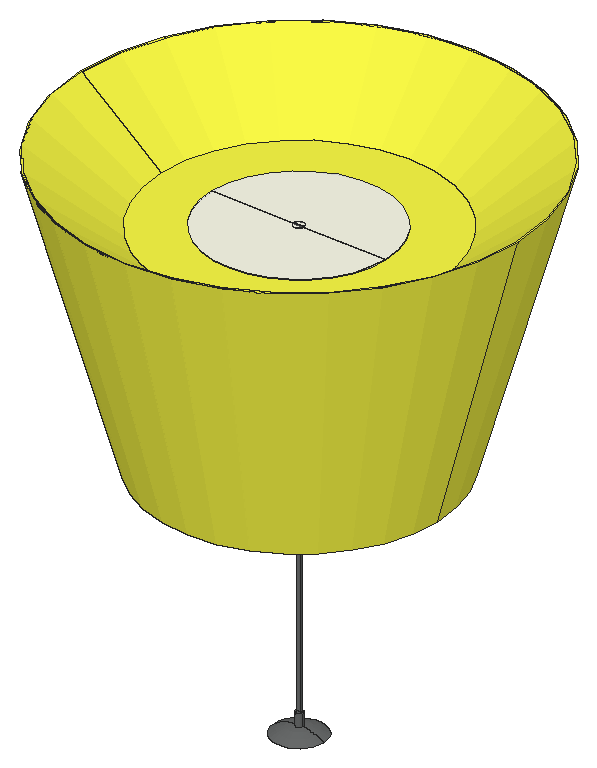
Revit family "M-T-P", category Lighting Fixtures, host Face, Revit 2014
Parameters (values of type "M-T-P-YO")
  Watts = 8 W
  Wattage Comments = "8W"
  Wattage = 9.2903 W
  Warranty = "5 years Warranty"  # constant formula
  built-in parameter 1150110 = 1 (stored number, unit not read)
  Voltage = 120 V
  URL = "https://www.hubbell.com/securitylighting/en"
  built-in parameter 1114217 = 1 (stored number, unit not read)
  Tilt Angle = 60.00°
  built-in parameter 1150109 = 1 (stored number, unit not read)
  built-in parameter 1150134 = 3
  built-in parameter 1150113 = 1 (stored number, unit not read)
  Reflector Finish = Hubbell - White Glass
  Product Link = "https://www.hubbell.com/securitylighting/en/Products/Lighting-Controls/Commercial-Indoor-Lighting/Pendant-Lighting/Tapered-Pendant/p/3028275"
  Product Documentation Link = "https://hubbellcdn.com/specsheet/sl_0038_tapered_spec.pdf"
  Power Factor = 1
  Photometric Web File = "generic"
  Pendent Height [instance] = 12"
  built-in parameter 1150142 = (empty or 0)
  Model = "M-T-P"  # constant formula
  Manufacturer = "Security Lighting"  # constant formula
  built-in parameter 1150105 = 109.82 (stored number, unit not read)
  Lumens = 1380 lm
  built-in parameter 1150115 = 1 (stored number, unit not read)
  Load Classification = Lighting
  built-in parameter 1150137 = (empty or 0)
  built-in parameter 1150139 = (empty or 0)
  built-in parameter 1150112 = 1 (stored number, unit not read)
  built-in parameter 1150114 = 1 (stored number, unit not read)
  Lamp = "LED"  # constant formula
  LF = T : P
  built-in parameter 1150132 = (empty or 0)
  built-in parameter 1150102 = (empty or 0)
  built-in parameter 1150107 = 3200 (stored number, unit not read)
  built-in parameter 1150138 = (empty or 0)
  built-in parameter 1150106 = 1.0982 (stored number, unit not read)
  Housing Material = Hubbell - Yellow
  Fixture distribution = "Direct"  # constant formula
  Features = "Made with durable, easy to clean fabric\r\nEasy to install\r\nCustom shapes, sizes, and colors available"  # constant formula
  Emit from Circle Diameter = 14"
  Emit Shape Visible in Rendering = no
  built-in parameter 1150104 = 13.8 (stored number, unit not read)
  Drum-Height = 24"
  Dimming Lamp Color Temperature Shift = <None>
  Description = "These shades are uniquely engineered to suit all high traffic areas in demanding restaurant environments and include a durable fabric look material which can be cleaned. With white interior color, shades are translucent and provide the added benefit of glowing effect."  # constant formula
  Default Elevation = 48"
  Copyright = " ©2020 Security Lighting, a division of Hubbell Lighting, Inc"  # constant formula
  Contact = "https://www.hubbell.com/securitylighting/en/contactUs"
  Connector Description = "Lighting Connector"  # constant formula
  Color Filter = 16777215
  built-in parameter 1114218 = 1 (stored number, unit not read)
  built-in parameter 1150133 = 10 (stored number, unit not read)
  Assembly Code = "D5020200"
  Apparent Load = Watts / Power Factor  # 8 VA
Types (9): name | Housing Material
  (no name) | Hubbell - Yellow
  M-T-P-OO | Paint - Hubbell - Matte White
  M-T-P-YO | Hubbell - Yellow
  M-T-P-CG | Paint - Hubbell - Gray Smooth
  M-T-P-WB | Hubbell - Warm Brown
  M-T-P-RD | Hubbell - Red
  M-T-P-GN | Paint - Hubbell - Green Textured
  M-T-P-OR | Hubbell - Orange
  M-T-P-BL | Hubbell - Blue
Reference planes (in)
  plane 1 "Center (Front/Back)": y = 0
  plane 2: z = 0
  plane 3 "Center (Left/Right)": x = 0
  plane 4: z = 12
  plane 5: z = 15.5
Dimensions and locks (in)
  "Pendent Height": plane 4 to plane 2
  locked: plane 5 to plane 4 at 3.5
  aligned and locked: plane 2 to host face
  aligned and locked: level to host face
  aligned and locked: plane 1 "Center (Front/Back)" to nested 1
  aligned and locked: plane 3 "Center (Left/Right)" to nested 1
  aligned and locked: imposter light to plane 1 "Center (Front/Back)"
Automatic sketch dimensions
  host sketch curve to host sketch curve = 96"  (x2)
Nested families (in)
  nested 1: "T" at (0, 0, 0), Pendent Height <- "Pendent Height", type "P"
    with Pendent Height 12"
Connectors (in)
  electrical at (-0.00321, 0, 10.57698), driven by "Load Classification", driven by "Voltage", driven by "Apparent Load", driven by "Power Factor", driven by "Connector Description"
    settings: on nested 1, index 1, voltage 120 V, apparent load 8 VA, apparent load phase1 0 VA, apparent load phase2 0 VA, apparent load phase3 0 VA, power factor 1, load classification "Lighting", number of poles 1, system type 30, power factor state 1, is connector primary yes, connector utility no, sub classification motor no, connector description "Lighting Connector"
Definition of nested family "T"
  Parameters (values of type "P")
    Width = 22"
    Wattage Comments = ""
    URL = ""
    Rod Material = Paint - Hubbell - Basic Black Textured
    Reflector Finish = Hubbell - White Glass
    Pendent Height [instance] = 12"
    Pendant Material = Hubbell - Yellow
    Outter Length = 22"
    Model = ""
    Manufacturer = ""
    Load Classification = Lighting
    Length = 3.9"
    Lamp = ""
    LED = Hubbell - Glass
    L2 = L1 - 0.1"  # 1.85"
    L1 = Length / 2  # 1.95"
    Height = 14"
    Description = ""
    Default Elevation = 48"
    Apparent Load = 0 VA  # constant formula
  Reference planes (in)
    plane 1 "Center (Front/Back)": y = 0
    plane 2: z = 0
    plane 3 "Center (Left/Right)": x = 0
    plane 4: y = -11
    plane 5: y = 11
    plane 6: z = 12
    plane 7: x = -1.95
    plane 8: x = 1.95
    plane 9: z = 26
    plane 10: x = 11
    plane 11: x = -11
  Forms (in)
    Extrusion 1, solid
      sketch origin (0, 0, 0) x (1, 0, 0) y (0, 1, 0)
        loop
          line (-48, 48) -> (-48, -48) -> (48, -48) -> (48, 48) -> (-48, 48)
      from 0 to -1.25
    Blend 2, solid, material "Hubbell - Yellow" <- "Pendant Material"
      base sketch origin (0, 0, 0) x (1, 0, 0) y (0, 1, 0)
        loop
          circle (0, 0) r 11
      top sketch origin (0, 0, 0) x (1, 0, 0) y (0, 1, 0)
        loop
          circle (0, 0) r 7
      from 26 to 12
    Revolve 3, solid, material "Paint - Hubbell - Basic Black Textured" <- "Rod Material"
      sketch origin (-29.50625, 0, 0) x (-1, 0, 0) y (0, 0, -1)
        loop
          line (-29.5, -12) -> (-29.4, -12) -> (-29.4, -1.04704) -> (-29.4, -0.96114) -> (-29.3207, -0.96114) -> (-29.3207, -0.36334)
          arc (-29.3207, -0.36334) -> (-28.77123, -0.2452) -> (-28.2655, 0) r 2.3506
          line (-28.2655, 0) -> (-29.5, 0) -> (-29.5, -12)
        axis (-29.5, -12) -> (-29.5, 0)
      angle from 0 to 360
    Blend 4, void
      base sketch origin (0, 0, 0) x (1, 0, 0) y (0, 1, 0)
        loop
          circle (0, 0) r 10.95
      top sketch origin (0, 0, 0) x (1, 0, 0) y (0, 1, 0)
        loop
          circle (0, 0) r 6.95
      from 26 to 22.85661
    Revolve 5, solid, material "Hubbell - White Glass" <- "Reflector Finish"
      sketch origin (0, 0, 0) x (1, 0, 0) y (0, 0, 1)
        loop
          line (0, 22.85661) -> (4.3875, 22.85661) -> (4.3875, 22.90413) -> (0, 22.90413) -> (0, 22.85661)
        axis (0, 22.90413) -> (0, 22.85661)
      angle from 0 to 360
    Revolve 6, solid, material "Hubbell - Glass" <- "LED"
      sketch origin (0, 0, 0) x (1, 0, 0) y (0, 0, 1)
        loop
          line (0, 22.90413) -> (0.2651, 22.90413) -> (0.2651, 22.93683) -> (0, 22.93683) -> (0, 22.90413)
        axis (0, 22.93683) -> (0, 22.89746)
      angle from 0 to 360
  Cuts and joins
    Blend 4 cuts Blend 2
    Blend 4 cuts Revolve 3
  Dimensions and locks (in)
    equal spacing: plane 4, plane 1 "Center (Front/Back)", plane 5
    "Width": plane 5 to plane 4
    "Pendent Height": plane 6 to plane 2
    equal spacing: plane 8, plane 3 "Center (Left/Right)", plane 7
    "Length": plane 8 to plane 7
    "Height": plane 9 to plane 6
    "Outter Length": plane 10 to plane 11
    equal spacing: plane 10, plane 3 "Center (Left/Right)", plane 11
    equal spacing: plane 11, plane 3 "Center (Left/Right)", plane 10
    plane 11 to plane 10 = 22"
    plane 6 to plane 2 = 12"
    aligned and locked: plane 2 to Extrusion 1
    aligned and locked: level to Extrusion 1
    aligned and locked: plane 9 to Blend 2
  Automatic sketch dimensions
    Extrusion 1 sketch curve to Extrusion 1 sketch curve = 96"  (x2)
    Revolve 3 sketch curve to plane 6 = 0"
    Revolve 3 sketch curve to level = 0"
    Revolve 3 sketch curve to level = 1.97734"
    plane 7 to Revolve 3 sketch curve = 1.98026"
    plane 7 to Revolve 3 sketch curve = 1.94375"  (x2)
    Revolve 3 sketch curve to Revolve 3 sketch curve = 0.1"
    Revolve 3 sketch curve to Revolve 3 sketch curve = 0.0793"
    Revolve 3 sketch curve to Revolve 3 sketch curve = 1.05521"
    Revolve 3 sketch curve to Revolve 3 sketch curve = 0.68371"
    Revolve 3 sketch curve to Revolve 3 sketch curve = 0.0859"
    plane 9 to Revolve 3 sketch curve = 85.53497"
    Revolve 3 sketch curve to Revolve 3 sketch curve = 7.19022"
    plane 1 "Center (Front/Back)" to Blend 4 sketch curve = 0"  (x2)
    Blend 4 sketch curve to plane 3 "Center (Left/Right)" = 0"  (x2)
    plane 1 "Center (Front/Back)" to Blend 2 sketch curve = 0"  (x2)
    Blend 2 sketch curve to plane 3 "Center (Left/Right)" = 0"  (x2)
    Revolve 5 sketch curve to plane 3 "Center (Left/Right)" = 0"  (x2)
    plane 8 to Revolve 5 sketch curve = 2 7/16"
    Revolve 5 sketch curve to plane 9 = 3.14339"
    Revolve 5 sketch curve to Revolve 5 sketch curve = 0.04752"
    Revolve 5 sketch curve to level = 24"
    plane 9 to Revolve 5 sketch curve = 7.14417"
    Revolve 6 sketch curve to plane 3 "Center (Left/Right)" = 0"  (x2)
    Revolve 6 sketch curve to Revolve 6 sketch curve = 0.2651"
    Revolve 6 sketch curve to plane 9 = 3.09587"
    Revolve 6 sketch curve to Revolve 6 sketch curve = 0.0327"
    Revolve 6 sketch curve to level = 24"
    plane 9 to Revolve 6 sketch curve = 7.14417"
    radius of Blend 4 sketch curve = 6.95"
    radius of Blend 4 sketch curve = 10.95"
    radius of Blend 2 sketch curve = 11"
    radius of Blend 2 sketch curve = 7"
